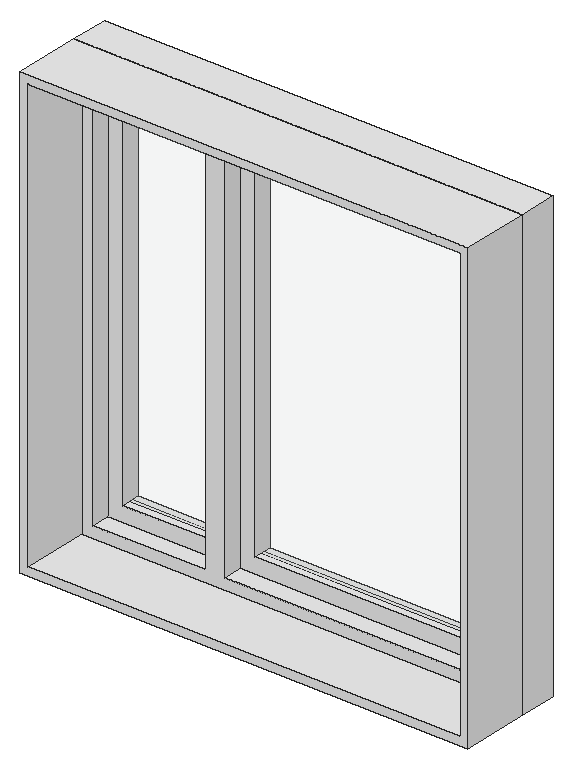
Revit family "2x1", category Windows, host Wall, Revit 2015
Parameters (values of type "12x12M")
  WindowBasalOpening = ""
  Width Side = 400 mm
  Wall Thickness [instance] = 300 mm
  URL = ""
  Total Glass Area = (Rough Height - Frame Width * 2) * (Rough Width - Frame Width * 2)  # 1.1881 m²
  Offset [instance] = 20 mm
  Module Width = Rough Width / 100 mm  # 12
  Module Height = Rough Height / 100 mm  # 12
  Material Jamb = none
  Jamb Width = 20 mm
  Jamb [instance] = yes
  Gap [instance] = 10 mm
  Rough Width = 1190 mm
  Rough Height = 1190 mm
  Model = ""
  Material Glass = none
  Material Frame = none
  Frame Width = 50 mm
  Height [instance] = Rough Height + Gap * 2  # 1210 mm
  Frame Depth = 100 mm
  Field 2 [instance] = Opening : Opening
  Field 1 [instance] = Opening : Opening
  Default Sill Height = 900 mm
  Wall Closure = By host
  Width [instance] = Rough Width + Gap * 2  # 1210 mm
  Assembly Code = ""
  Analytic Construction = "<None>"
Reference planes
  plane 1 "Center (Front/Back)": y = -20
  plane 2 "Center (Left/Right)": x = -42.398
  plane 3 "Left": x = -647.398
  plane 4 "Right": x = 562.602
  plane 5 "Sill": z = 900
  plane 6 "Head": z = 2110
  plane 7 "Exterior": y = 130
  plane 8 "Interior": y = -170
  plane 9: x = -637.398
  plane 10: x = 552.602
  plane 11: z = 910
  plane 12: z = 2100
  plane 13 "Offset": y = 110
  plane 14 "Offset Jamb": y = 10
  plane 15: x = 502.602
  plane 16: x = -587.398
  plane 17: z = 2050
  plane 18: z = 960
  plane 19: x = -647.398
  plane 20: x = 562.602
  plane 21: z = 900
  plane 22: z = 2110
  plane 23: x = -237.398
  plane 24: x = -287.398
Forms (mm)
  Extrusion 1, solid, material <- "Material Frame"
    sketch origin (0, 110, 0) x (-1, 0, 0) y (0, 0, 1)
      loop
        line (-552.602, 2100) -> (-552.602, 910) -> (637.398, 910) -> (637.398, 2100) -> (-552.602, 2100)
      loop
        line (-502.602, 960) -> (237.398, 960) -> (237.398, 2050) -> (-502.602, 2050) -> (-502.602, 960)
      loop
        line (587.398, 2050) -> (287.398, 2050) -> (287.398, 960) -> (587.398, 960) -> (587.398, 2050)
    from 0 to -100
  Extrusion 2, solid, material <- "Material Jamb", visible <- "Jamb", detail levels medium+fine
    sketch origin (0, 10, 0) x (-1, 0, 0) y (0, 0, 1)
      loop
        line (-552.602, 2100) -> (-552.602, 910) -> (637.398, 910) -> (637.398, 2100) -> (-552.602, 2100)
      loop
        line (617.398, 2080) -> (-532.602, 2080) -> (-532.602, 930) -> (617.398, 930) -> (617.398, 2080)
    from 0 to -180
Lines and regions (mm)
  Opening 1
    outline origin (3500, -170, 0) x (1, 0, 0) y (0, 0, 1)
      loop
        line (-2937.398, 900) -> (-2937.398, 2110) -> (-4147.398, 2110) -> (-4147.398, 900) -> (-2937.398, 900)
Text (mm)
  text "EXTERIOR" at (-1981.535, 863.181, 0), in view "Ref. Level"
  text "INTERIOR" at (-2017.992, -707.606, 0), in view "Ref. Level"
  text "Exterior" at (0, 923.751, 2943.296), in view "Right"
  text "Exterior" at (0, 1019.841, 2788.626), in view "Left"
Dimensions and locks
  equal spacing: plane 3 "Left", plane 2 "Center (Left/Right)", plane 4 "Right"
  "Rough Width": plane 9 to plane 10
  "Rough Height": plane 11 to plane 12
  "Default Sill Height": plane 21 to level
  locked: plane 7 "Exterior" to host wall
  locked: plane 8 "Interior" to host wall
  "Gap": plane 12 to plane 6 "Head"
  "Gap": plane 5 "Sill" to plane 11
  "Gap": plane 10 to plane 4 "Right"
  "Gap": plane 9 to plane 3 "Left"
  "Offset": plane 13 "Offset" to plane 7 "Exterior"
  "Frame Depth": plane 13 "Offset" to plane 14 "Offset Jamb"
  equal spacing: plane 8 "Interior", plane 1 "Center (Front/Back)", plane 7 "Exterior"
  "Frame Width": plane 17 to plane 12
  "Frame Width": plane 16 to plane 9
  "Frame Width": plane 11 to plane 18
  "Frame Width": plane 10 to plane 15
  "Jamb Width": Extrusion 2 sketch curve to Extrusion 2 sketch curve  (x4)
  "Wall Thickness": host wall to host wall
  "Width Side": plane 23 to plane 9
  "Frame Width": plane 23 to plane 24
  aligned and locked: plane 10 to Extrusion 1
  aligned and locked: Extrusion 1 to plane 9
  aligned and locked: plane 12 to Extrusion 1
  aligned and locked: Extrusion 1 to plane 11
  aligned and locked: Extrusion 1 to plane 14 "Offset Jamb"
  aligned and locked: plane 8 "Interior" to Extrusion 2
  aligned and locked: Extrusion 1 sketch curve to plane 15
  aligned and locked: Extrusion 1 sketch curve to plane 17  (x2)
  aligned and locked: Extrusion 1 sketch curve to plane 16
  aligned and locked: Extrusion 1 sketch curve to plane 18  (x2)
  aligned and locked: Extrusion 2 sketch curve to plane 9
  aligned and locked: Extrusion 2 sketch curve to plane 12
  aligned and locked: Extrusion 2 sketch curve to plane 10
  aligned and locked: Extrusion 2 sketch curve to plane 11
  aligned and locked: plane 19 to plane 3 "Left"
  aligned and locked: plane 20 to plane 4 "Right"
  aligned and locked: plane 21 to plane 5 "Sill"
  aligned and locked: plane 22 to plane 6 "Head"
  aligned and locked: Extrusion 1 sketch curve to plane 23
  aligned and locked: Extrusion 1 sketch curve to plane 24
  aligned and locked: plane 16 to nested 1
  aligned and locked: nested 1 to plane 24
  aligned and locked: nested 2 to plane 23
  aligned and locked: nested 2 to plane 15
  aligned and locked: nested 1 to plane 17
  aligned and locked: nested 2 to plane 17
  aligned and locked: plane 18 to nested 1
  aligned and locked: plane 18 to nested 2
Automatic sketch dimensions
  Opening 1 sketch curve to plane 3 "Left" = 0 mm
  Opening 1 sketch curve to plane 4 "Right" = 0 mm
  Opening 1 sketch curve to plane 5 "Sill" = 0 mm
  Opening 1 sketch curve to plane 6 "Head" = 0 mm
  Extrusion 1 sketch curve to plane 10 = 0 mm
  Extrusion 1 sketch curve to plane 9 = 0 mm
  Extrusion 1 sketch curve to plane 11 = 0 mm
  Extrusion 1 sketch curve to plane 12 = 0 mm
Nested families
  nested 1: "Opening" at (-437.398, -20, 160), type <- "Field 2", Offset <- "Offset", Material Glass <- "Material Glass", Material Frame <- "Material Frame", type "Opening"
    with Width 300 mm, Offset 20 mm, Material Glass none, Material Frame none, Height 1090 mm
  nested 2: "Opening" at (132.602, -20, 160), type <- "Field 1", Offset <- "Offset", Material Glass <- "Material Glass", Material Frame <- "Material Frame", type "Opening"
    with Width 740 mm, Offset 20 mm, Material Glass none, Material Frame none, Height 1090 mm
Definition of nested family "Opening"
  Parameters
    Offset [instance] = 20 mm
    Material Glass [instance] = none
    Material Frame [instance] = none
    Height [instance] = 1500 mm
    Default Sill Height = 800 mm
    Wall Closure = (empty or 0)
    Width [instance] = 1000 mm
  Reference planes
    plane 1 "Center (Front/Back)": y = 0
    plane 2 "Center (Left/Right)": x = 0
    plane 3 "Left": x = -500
    plane 4 "Right": x = 500
    plane 5 "Sill": z = 800
    plane 6 "Head": z = 2300
    plane 7 "Exterior": y = 100
    plane 8 "Interior": y = -100
    plane 9 "Offset": y = 80
    plane 10: z = 1550
  Forms (mm)
    Extrusion 1, solid, material <- "Material Frame"
      sketch origin (0, 80, 0) x (-1, 0, 0) y (0, 0, 1)
        loop
          line (-500, 2300) -> (-500, 800) -> (500, 800) -> (500, 2300) -> (-500, 2300)
        loop
          line (-460, 2260) -> (-460, 840) -> (460, 840) -> (460, 2260) -> (-460, 2260)
      from 0 to -50
    Extrusion 2, solid, material <- "Material Glass"
      sketch origin (0, 80, 0) x (-1, 0, 0) y (0, 0, 1)
        loop
          line (-460, 2260) -> (-460, 840) -> (460, 840) -> (460, 2260) -> (-460, 2260)
      from -20 to -30
  Lines and regions (mm)
    symbolic lines
      curve 1: line (500, 100, 2300) -> (-500, 100, 1550)
      curve 2: line (-500, 100, 1550) -> (500, 100, 800)
    symbolic lines, detail levels fine
      curve 3: line (-460, 50, 0) -> (460, 50, 0)
      curve 4: line (460, 60, 0) -> (-460, 60, 0)
      curve 6: line (500, 50, 840) -> (500, 50, 2260)
      curve 7: line (500, 60, 2260) -> (500, 60, 840)
    symbolic lines, detail levels coarse+medium
      curve 5: line (-460, 55, 0) -> (460, 55, 0)
      curve 8: line (500, 55, 2260) -> (500, 55, 840)
  Text (mm)
    text "EXTERIOR" at (-1963.203, 1332.353, 0), in view "Ref. Level"
    text "INTERIOR" at (-1981.466, -818.386, 0), in view "Ref. Level"
    text "Exterior" at (0, 923.751, 2943.296), in view "Right"
    text "Exterior" at (0, 1040.484, 2685.409), in view "Left"
  Dimensions and locks
    equal spacing: plane 3 "Left", plane 2 "Center (Left/Right)", plane 4 "Right"
    "Width": plane 3 "Left" to plane 4 "Right"
    "Height": plane 5 "Sill" to plane 6 "Head"
    "Default Sill Height": plane 5 "Sill" to level
    locked: plane 7 "Exterior" to host wall at 0
    locked: plane 8 "Interior" to host wall
    "Offset": plane 9 "Offset" to plane 7 "Exterior"
    equal spacing: plane 5 "Sill", plane 10, plane 6 "Head"
    equal spacing: Extrusion 2, curve 5, Extrusion 2
    equal spacing: Extrusion 2, curve 8, Extrusion 2
    aligned and locked: Extrusion 2 sketch curve to Extrusion 1  (x4)
    aligned and locked: curve 3 to Extrusion 2
    aligned and locked: curve 4 to Extrusion 2
    aligned and locked: curve 6 to Extrusion 2
    aligned and locked: curve 7 to Extrusion 2
  Automatic sketch dimensions
    plane 4 "Right" to Extrusion 1 sketch curve = 0 mm
    plane 3 "Left" to Extrusion 1 sketch curve = 0 mm
    Extrusion 1 sketch curve to plane 5 "Sill" = 0 mm
    Extrusion 1 sketch curve to plane 6 "Head" = 0 mm
    plane 4 "Right" to Extrusion 1 sketch curve = 40 mm
    Extrusion 1 sketch curve to plane 3 "Left" = 40 mm
    Extrusion 1 sketch curve to plane 5 "Sill" = 40 mm
    plane 6 "Head" to Extrusion 1 sketch curve = 40 mm
    plane 3 "Left" to curve 2 = 0 mm
    plane 4 "Right" to curve 2 = 0 mm
    plane 4 "Right" to curve 1 = 0 mm
    curve 2 to plane 5 "Sill" = 0 mm
    curve 2 to plane 10 = 0 mm
    curve 1 to plane 6 "Head" = 0 mm
    curve 5 to plane 3 "Left" = 40 mm
    curve 4 to curve 5 = 0 mm
    curve 3 to curve 5 = 0 mm  (x2)
    plane 4 "Right" to curve 4 = 40 mm
    curve 5 to curve 4 = 0 mm
    curve 8 to plane 5 "Sill" = 40 mm
    curve 7 to curve 8 = 0 mm  (x2)
    curve 8 to curve 6 = 0 mm  (x2)
    plane 6 "Head" to curve 8 = 40 mm
